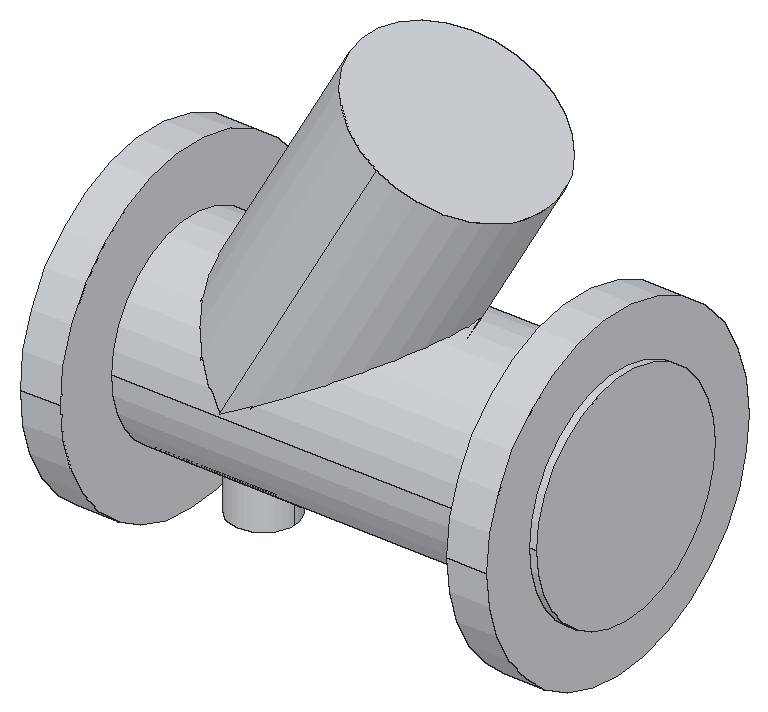
Revit family "HS 821-síto_standard-PN25-DN125-RFA_2019", category Pipe Accessories, Revit 2019
Family settings
  Round Connector Dimension = Use Diameter
  Part Type = Breaks Into
  Work Plane-Based = No
  Always vertical = Yes
  Cut with Voids When Loaded = No
  Shared = No
Parameters (values of type "821D-DN125-PN25-síto_standard")
  magiProductId = "77cc98d60da24855999a22dff726b2"
  magiProductFamilyId = "79214ac3aaa945e397802f559f5c1e"
  magiPartTypeId = 307
  isMeasuringValve [instance] = no
  ang2D [instance] = 0.00°
  ZB__ve = -ZB  # -42.5 mm
  ZB1 = 74.52 mm
  ZB = 42.5 mm
  X2 = 131.888 mm
  X1 = 56 mm
  W2D = 15 mm
  VersionID = "2.0/2017.9.26.1/ZETKAMA_821_001"
  Use Minimum Symbol Size [instance] = yes
  URL = "www.hydronic.cz"
  Type Comments = "Filtr přírubový; síto standardní; A-PN16 (-10~300°C); D-PN25 (-10~350°C); F-PN40 (-10~400°C)"
  S = 184 mm
  QmdConnectorList = "301;D;302;D"
  Productdata [instance] = ""
  Manufacturer = "Hydronic Systems Prague s.r.o."
  MC Product Code = "200 291 (821D; DN125; PN25; kvs326,2; oko síta 1,60mm)"
  LM1 = 32 mm
  LM = 320 mm
  L4 = 100 mm
  L2D_Min = 3048 mm
  L2D = 130 mm
  L2 = 200 mm
  HH2 = 228.438 mm
  FD = 270 mm
  Description = "Filtr přírubový; síto standardní; 821A-PN16; 821D-PN25; 821F-PN40"
  DM1 = 165 mm
  DM = 165.6 mm
  D = 125 mm
  CC = 6.8 mm
  CAT0 = yes
  C1 = 33.2 mm
  C = 40 mm
  BD = 52.164 mm
Types (40, lengths in mm): name | magiProductId | ZB__ve | ZB1 | ZB | X2 | X1 | S | MC Product Code | LM1 | LM | L4 | L2 | HH2 | FD | DM1 | DM | D | CC | C1 | C | BD
  821A-DN015-PN16-síto_standard | "a71bcfe8b393460598b23e8ddf7dc5" | -16.25 | 18.63 | 16.25 | 46.982 | 18.2 | 46 | "200 115 (821A; DN015; PN16; kvs6,3; oko síta 1,00mm)" | 10.4 | 104 | 32.5 | 65 | 81.375 | 95 | 27.6 | 41.4 | 15 | 2.21 | 10.79 | 13 | 13.041
  821A-DN020-PN16-síto_standard | "41cd6c7a12924f4991217528336076" | -17.75 | 22.68 | 17.75 | 51.673 | 21 | 56 | "200 120 (821A; DN020; PN16; kvs11,2; oko síta 1,00mm)" | 12 | 120 | 37.5 | 75 | 89.5 | 105 | 33.6 | 50.4 | 20 | 2.55 | 12.45 | 15 | 15.876
  821A-DN025-PN16-síto_standard | "be378b463ed14c3abf4c9b3ae8cf3a" | -19.25 | 26.325 | 19.25 | 58.601 | 22.4 | 65 | "200 125 (821A; DN025; PN16; kvs14,7; oko síta 1,00mm)" | 12.8 | 128 | 40 | 80 | 101.5 | 115 | 43.2 | 58.5 | 25 | 2.72 | 13.28 | 16 | 18.427
  821A-DN032-PN16-síto_standard | "227a0d18b21540afabe8b6067d35fa" | -23 | 30.78 | 23 | 68.849 | 25.2 | 76 | "200 132 (821A; DN032; PN16; kvs23,7; oko síta 1,00mm)" | 14.4 | 144 | 45 | 90 | 119.25 | 140 | 50.4 | 68.4 | 32 | 3.06 | 14.94 | 18 | 21.546
  821A-DN040-PN16-síto_standard | "d106917c74724141a10440112d0102" | -24.5 | 34.02 | 24.5 | 75.777 | 28 | 84 | "200 140 (821A; DN040; PN16; kvs37,7; oko síta 1,00mm)" | 16 | 160 | 50 | 100 | 131.25 | 150 | 60 | 75.6 | 40 | 3.4 | 16.6 | 20 | 23.814
  821A-DN050-PN16-síto_standard | "8255d456a09e4f6486734f5dd9171b" | -26.75 | 40.095 | 26.75 | 79.061 | 32.2 | 99 | "200 150 (821A; DN050 PN16; kvs57,9; oko síta 1,00mm)" | 18.4 | 184 | 57.5 | 115 | 136.938 | 165 | 73.8 | 89.1 | 50 | 3.91 | 19.09 | 23 | 28.066
  821A-DN065-PN16-síto_standard | "235b1b3e4c0843779a4d5e3716d40a" | -29.75 | 47.79 | 29.75 | 86.927 | 40.6 | 118 | "200 165 (821A; DN065; PN16; kvs101,5; oko síta 1,25mm)" | 23.2 | 232 | 72.5 | 145 | 150.562 | 185 | 94.2 | 106.2 | 65 | 4.93 | 24.07 | 29 | 33.453
  821A-DN080-PN16-síto_standard | "a067f7c5236348ed8c820d16df7214" | -32 | 53.46 | 32 | 104.753 | 43.4 | 132 | "200 180 (821A; DN080; PN16; kvs147,4; oko síta 1,25mm)" | 24.8 | 248 | 77.5 | 155 | 181.438 | 200 | 107.4 | 118.8 | 80 | 5.27 | 25.73 | 31 | 37.422
  821A-DN100-PN16-síto_standard | "c49a648c2747461285837d643703cd" | -35 | 63.18 | 35 | 114.857 | 49 | 156 | "200 190 (821A; DN100; PN16; kvs209,6; oko síta 1,60mm)" | 28 | 280 | 87.5 | 175 | 198.937 | 220 | 131.4 | 140.4 | 100 | 5.95 | 29.05 | 35 | 44.226
  821A-DN125-PN16-síto_standard | "bf68e728a163493cbd2a663b26ebdc" | -39.5 | 74.52 | 39.5 | 131.888 | 56 | 184 | "200 191 (821A; DN125; PN16; kvs326,2; oko síta 1,60mm)" | 32 | 320 | 100 | 200 | 228.438 | 250 | 165 | 165.6 | 125 | 6.8 | 33.2 | 40 | 52.164
  821A-DN150-PN16-síto_standard | "2de770284b654863ae6bc865769dc5" | -44.75 | 85.455 | 44.75 | 155.885 | 67.2 | 211 | "200 192 (821A; DN150; PN16; kvs403; oko síta 1,60mm)" | 38.4 | 384 | 120 | 240 | 270 | 285 | 192 | 189.9 | 150 | 8.16 | 39.84 | 48 | 59.818
  821A-DN200-PN16-síto_standard | "8e5693371ab64aabb29a7f08c76e15" | -53 | 107.73 | 53 | 188.361 | 84 | 266 | "200 193 (821A; DN200; PN16; kvs707; oko síta 1,60mm)" | 48 | 480 | 150 | 300 | 326.25 | 340 | 252 | 239.4 | 200 | 10.2 | 49.8 | 60 | 75.411
  821A-DN250-PN16-síto_standard | "05e37ed948c34047acdd4c42556504" | -62.75 | 129.195 | 62.75 | 255.911 | 102.2 | 319 | "200 194 (821A; DN250; PN16; kvs1234; oko síta 1,60mm)" | 58.4 | 584 | 182.5 | 365 | 443.25 | 405 | 309.6 | 287.1 | 250 | 12.41 | 60.59 | 73 | 90.436
  821A-DN300-PN16-síto_standard | "9ad0af747269428da925480d83ce80" | -71 | 149.85 | 71 | 325.914 | 119 | 370 | "200 195 (821A; DN300; PN16; kvs1916; oko síta 1,60mm)" | 68 | 680 | 212.5 | 425 | 564.5 | 460 | 369.6 | 333 | 300 | 14.45 | 70.55 | 85 | 104.895
  821A-DN350-PN16-síto_standard | "eebc71459bb3451bb4355e7951370a" | -80 | 173.745 | 80 | 356.875 | 137.2 | 429 | "200 196 (821A; DN350; PN16; kvs2621; oko síta 1,60mm)" | 78.4 | 784 | 245 | 490 | 618.125 | 520 | 438 | 386.1 | 350 | 16.66 | 81.34 | 98 | 121.621
  821A-DN400-PN16-síto_standard | "d2f677cb196647e385b2590e7d8abe" | -89 | 194.4 | 89 | 392.237 | 154 | 480 | "200 197 (821A; DN400; PN16; kvs3460; oko síta 1,60mm)" | 88 | 880 | 275 | 550 | 679.375 | 580 | 498 | 432 | 400 | 18.7 | 91.3 | 110 | 136.08
  821D-DN015-PN25-síto_standard | "27ddcbf555414f8ca1fde329bf9087" | -16.25 | 18.63 | 16.25 | 46.982 | 18.2 | 46 | "200 215 (821D; DN015; PN25; kvs6,3; oko síta 1,00mm)" | 10.4 | 104 | 32.5 | 65 | 81.375 | 95 | 27.6 | 41.4 | 15 | 2.21 | 10.79 | 13 | 13.041
  821D-DN020-PN25-síto_standard | "270e0f14012f47189cd0235c18faee" | -17.75 | 22.68 | 17.75 | 51.673 | 21 | 56 | "200 220 (821D; DN020; PN25; kvs11,2; oko síta 1,00mm)" | 12 | 120 | 37.5 | 75 | 89.5 | 105 | 33.6 | 50.4 | 20 | 2.55 | 12.45 | 15 | 15.876
  821D-DN025-PN25-síto_standard | "b9a7fb4aa36643878c637d8e1ab992" | -19.25 | 26.325 | 19.25 | 58.601 | 22.4 | 65 | "200 225 (821D; DN025; PN25; kvs14,7; oko síta 1,00mm)" | 12.8 | 128 | 40 | 80 | 101.5 | 115 | 43.2 | 58.5 | 25 | 2.72 | 13.28 | 16 | 18.427
  821D-DN032-PN25-síto_standard | "6be9a55c4e68400f94eec7e804204c" | -23 | 30.78 | 23 | 68.849 | 25.2 | 76 | "200 232 (821D; DN032; PN25; kvs23,7; oko síta 1,00mm)" | 14.4 | 144 | 45 | 90 | 119.25 | 140 | 50.4 | 68.4 | 32 | 3.06 | 14.94 | 18 | 21.546
  821D-DN040-PN25-síto_standard | "c54511bd7f584ec2984291479612cb" | -24.5 | 34.02 | 24.5 | 75.777 | 28 | 84 | "200 240 (821D; DN040; PN25; kvs37,7; oko síta 1,00mm)" | 16 | 160 | 50 | 100 | 131.25 | 150 | 60 | 75.6 | 40 | 3.4 | 16.6 | 20 | 23.814
  821D-DN050-PN25-síto_standard | "5483b1f596b04cd39b23a14a22c90e" | -26.75 | 40.095 | 26.75 | 79.061 | 32.2 | 99 | "200 250 (821D; DN050; PN25; kvs57,9; oko síta 1,00mm)" | 18.4 | 184 | 57.5 | 115 | 136.938 | 165 | 73.8 | 89.1 | 50 | 3.91 | 19.09 | 23 | 28.066
  821D-DN065-PN25-síto_standard | "767b0f8318e94750bc7a9930ed5b30" | -29.75 | 47.79 | 29.75 | 86.927 | 40.6 | 118 | "200 265 (821D; DN065; PN25; kvs101,5; oko síta 1,25mm)" | 23.2 | 232 | 72.5 | 145 | 150.562 | 185 | 94.2 | 106.2 | 65 | 4.93 | 24.07 | 29 | 33.453
  821D-DN080-PN25-síto_standard | "e21040fa3cc2404b858198f6b73709" | -32 | 53.46 | 32 | 104.753 | 43.4 | 132 | "200 280 (821D; DN080; PN25; kvs147,4; oko síta 1,25mm)" | 24.8 | 248 | 77.5 | 155 | 181.438 | 200 | 107.4 | 118.8 | 80 | 5.27 | 25.73 | 31 | 37.422
  821D-DN100-PN25-síto_standard | "175ca87a506b40b3bc6b82f12f33cf" | -37.25 | 63.18 | 37.25 | 114.857 | 49 | 156 | "200 290 (821D; DN100; PN25; kvs209,6; oko síta 1,60mm)" | 28 | 280 | 87.5 | 175 | 198.937 | 235 | 131.4 | 140.4 | 100 | 5.95 | 29.05 | 35 | 44.226
  821D-DN125-PN25-síto_standard | "77cc98d60da24855999a22dff726b2" | -42.5 | 74.52 | 42.5 | 131.888 | 56 | 184 | "200 291 (821D; DN125; PN25; kvs326,2; oko síta 1,60mm)" | 32 | 320 | 100 | 200 | 228.438 | 270 | 165 | 165.6 | 125 | 6.8 | 33.2 | 40 | 52.164
  821D-DN150-PN25-síto_standard | "9cf8acfcd15547d68e83172d3abcbe" | -47 | 85.455 | 47 | 155.885 | 67.2 | 211 | "200 292 (821D; DN150; PN25; kvs403; oko síta 1,60mm)" | 38.4 | 384 | 120 | 240 | 270 | 300 | 192 | 189.9 | 150 | 8.16 | 39.84 | 48 | 59.818
  821D-DN200-PN25-síto_standard | "16973f3c9ea14389ba8602495a6b64" | -56 | 110.97 | 56 | 188.361 | 84 | 274 | "200 293 (821D; DN200; PN25; kvs707; oko síta 1,60mm)" | 48 | 480 | 150 | 300 | 326.25 | 360 | 252 | 246.6 | 200 | 10.2 | 49.8 | 60 | 77.679
  821F-DN015-PN40-síto_standard | "4c7eaf3c4c0340888b3e684d8a8616" | -16.25 | 18.225 | 16.25 | 46.982 | 18.2 | 45 | "240 615 (821F; DN015; PN40; kvs6,3; oko síta 1,00mm)" | 10.4 | 104 | 32.5 | 65 | 81.375 | 95 | 27.6 | 40.5 | 15 | 2.21 | 10.79 | 13 | 12.757
  821F-DN020-PN40-síto_standard | "aaac5f1ec96b44d6ba96ac2293d66d" | -17.75 | 23.49 | 17.75 | 51.673 | 21 | 58 | "240 620 (821F; DN020; PN40; kvs11,2; oko síta 1,00mm)" | 12 | 120 | 37.5 | 75 | 89.5 | 105 | 33.6 | 52.2 | 20 | 2.55 | 12.45 | 15 | 16.443
  821F-DN025-PN40-síto_standard | "504768023968471481789485b54c7e" | -19.25 | 27.54 | 19.25 | 58.601 | 22.4 | 68 | "240 625 (821F; DN025; PN40; kvs14,7; oko síta 1,00mm)" | 12.8 | 128 | 40 | 80 | 101.5 | 115 | 43.2 | 61.2 | 25 | 2.72 | 13.28 | 16 | 19.278
  821F-DN032-PN40-síto_standard | "165e7f39cf744f329bdf1c400dad12" | -23 | 31.59 | 23 | 68.849 | 25.2 | 78 | "240 632 (821F; DN032; PN40; kvs23,7; oko síta 1,00mm)" | 14.4 | 144 | 45 | 90 | 119.25 | 140 | 50.4 | 70.2 | 32 | 3.06 | 14.94 | 18 | 22.113
  821F-DN040-PN40-síto_standard | "b8903f952089408fbf3a5a632bab1f" | -24.5 | 35.64 | 24.5 | 75.777 | 28 | 88 | "240 640 (821F; DN040; PN40; kvs37,7; oko síta 1,00mm)" | 16 | 160 | 50 | 100 | 131.25 | 150 | 60 | 79.2 | 40 | 3.4 | 16.6 | 20 | 24.948
  821F-DN050-PN40-síto_standard | "c451f97266fe48da8f879cb6a2bd44" | -26.75 | 41.31 | 26.75 | 79.061 | 32.2 | 102 | "240 650 (821F; DN050; PN40; kvs57,9; oko síta 1,00mm)" | 18.4 | 184 | 57.5 | 115 | 136.938 | 165 | 73.8 | 91.8 | 50 | 3.91 | 19.09 | 23 | 28.917
  821F-DN065-PN40-síto_standard | "dc9821e3f9b34e128f6a8c6b34c198" | -29.75 | 49.41 | 29.75 | 86.927 | 40.6 | 122 | "240 665 (821F; DN065; PN40; kvs101,5; oko síta 1,25mm)" | 23.2 | 232 | 72.5 | 145 | 150.562 | 185 | 94.2 | 109.8 | 65 | 4.93 | 24.07 | 29 | 34.587
  821F-DN080-PN40-síto_standard | "689aa1e260f84cf4994f027a1d86b5" | -32 | 55.89 | 32 | 104.753 | 43.4 | 138 | "240 680 (821F; DN080; PN40; kvs147,4; oko síta 1,25mm)" | 24.8 | 248 | 77.5 | 155 | 181.438 | 200 | 107.4 | 124.2 | 80 | 5.27 | 25.73 | 31 | 39.123
  821F-DN100-PN40-síto_standard | "8a45d4e8e2ab425f8c432f21d684f3" | -37.25 | 65.61 | 37.25 | 114.857 | 49 | 162 | "240 690 (821F; DN100; PN40; kvs209,6; oko síta 1,6mm)" | 28 | 280 | 87.5 | 175 | 198.937 | 235 | 131.4 | 145.8 | 100 | 5.95 | 29.05 | 35 | 45.927
  821F-DN125-PN40-síto_standard | "cf073904c006406b8645afa67ea2fc" | -42.5 | 76.14 | 42.5 | 131.888 | 56 | 188 | "240 691 (821F; DN125; PN40; kvs326,2; oko síta 1,6mm)" | 32 | 320 | 100 | 200 | 228.438 | 270 | 165 | 169.2 | 125 | 6.8 | 33.2 | 40 | 53.298
  821F-DN150-PN40-síto_standard | "0153b9ddabe14992a630484929fdbc" | -47 | 88.29 | 47 | 155.885 | 67.2 | 218 | "240 692 (821F; DN150; PN40; kvs403; oko síta 1,6mm)" | 38.4 | 384 | 120 | 240 | 270 | 300 | 192 | 196.2 | 150 | 8.16 | 39.84 | 48 | 61.803
  821F-DN200-PN40-síto_standard | "7fb3fc01dd8d42428c203e3f8dd4d5" | -56 | 115.425 | 56 | 188.361 | 84 | 285 | "240 693 (821F; DN200; PN40; kvs707; oko síta 1,6mm)" | 48 | 480 | 150 | 300 | 326.25 | 360 | 252 | 256.5 | 200 | 10.2 | 49.8 | 60 | 80.797
Reference planes
  plane 1 "Center (Front/Back)": y = 0
  plane 2 "XYPLANE": z = 0
  plane 3 "Center (Left/Right)": x = 0
  plane 4 "109": x = -128
  plane 5 "108": x = 160
  plane 6 "107": x = -160
  plane 7 "105": x = 200
  plane 8 "104": x = -200
  plane 9 "103": y = 0
  plane 10 "102": z = 0
  plane 11 "101": x = -193.2
  plane 12 "100": x = 193.2
  plane 13 "11": x = -72
  plane 14 "10": z = 228.438
  plane 15 "9": x = 59.888
  plane 16 "5": z = -74.52
  plane 17 "4": x = -100
  plane 18 "1": x = 100
Forms (mm)
  Extrusion 1, solid, visible <- "CAT0"
    sketch origin (-160, -750, 0) x (0, 1, 0) y (0, 0, 1)
      loop
        circle (750, 0) r 82.8
    from 0 to 320 <- "LM"
  Extrusion 2, solid
    sketch origin (-200, -750, 0) x (0, 1, 0) y (0, 0, 1)
      loop
        circle (750, 0) r 92
    from 0 to 6.8 <- "CC"
  Extrusion 3, solid
    sketch origin (-193.2, -750, 0) x (0, 1, 0) y (0, 0, 1)
      loop
        circle (750, 0) r 135
    from 0 to 33.2 <- "C1"
  Extrusion 4, solid
    sketch origin (160, -750, 0) x (0, 1, 0) y (0, 0, 1)
      loop
        circle (750, 0) r 135
    from 0 to 33.2 <- "C1"
  Extrusion 5, solid
    sketch origin (193.2, -750, 0) x (0, 1, 0) y (0, 0, 1)
      loop
        circle (750, 0) r 92
    from 0 to 6.8 <- "CC"
  Sweep 6, solid, visible <- "CAT0"
    path origin (750, 0, 0) x (-1, 0, 0) y (0, 0, 1)
      loop
        line (910, 0) -> (822, 0) -> (690.112, 228.438)
    profile origin (-160, 0, 0) x (0, 0, -1) y (0, 1, 0)
      loop
        circle (0, 0) r 82.5
  Extrusion 7, solid, visible <- "CAT0"
    sketch origin (-750, 0, -74.52) x (1, 0, 0) y (0, 1, 0)
      loop
        circle (650, 0) r 26.082
    from 0 to -42.5 <- "ZB__ve"
  Extrusion 8, solid, visible <- "CAT0"
    sketch origin (-750, 0, -74.52) x (1, 0, 0) y (0, 1, 0)
      loop
        circle (850, 0) r 26.082
    from 0 to -42.5 <- "ZB__ve"
  Extrusion 9, solid, not visible
    sketch origin (200, -750, 0) x (0, 1, 0) y (0, 0, 1)
      loop
        circle (750, 0) r 10
    from 0 to -10
  Extrusion 10, solid, not visible
    sketch origin (-200, -750, 0) x (0, 1, 0) y (0, 0, 1)
      loop
        circle (750, 0) r 10
    from 0 to 10
Lines and regions (mm)
  reference lines, not visible
    curve 1: circle (2, 2, 0) r 1 normal (0, 0, 1)
Dimensions and locks
  plane 1 "Center (Front/Back)" to curve 1 = 2 mm
  "LM1": plane 6 "107" to plane 4 "109"
  "LM": plane 6 "107" to plane 5 "108"
  "C": plane 8 "104" to plane 6 "107"
  "L2": plane 3 "Center (Left/Right)" to plane 7 "105"
  "L2": plane 3 "Center (Left/Right)" to plane 8 "104"
  locked: plane 1 "Center (Front/Back)" to plane 9 "103"
  locked: plane 2 "XYPLANE" to plane 10 "102"
  "CC": plane 8 "104" to plane 11 "101"
  "C1": plane 5 "108" to plane 12 "100"
  "X1": plane 4 "109" to plane 13 "11"
  "HH2": plane 2 "XYPLANE" to plane 14 "10"
  "X2": plane 13 "11" to plane 15 "9"
  "ZB1": plane 2 "XYPLANE" to plane 16 "5"
  "L4": plane 8 "104" to plane 17 "4"
  "L2": plane 17 "4" to plane 18 "1"
  Sweep 6 sketch curve to Sweep 6 sketch curve = 0 mm  (x2)
  "DM": diameter of Extrusion 1 sketch curve
  "S": diameter of Extrusion 2 sketch curve
  "FD": diameter of Extrusion 3 sketch curve
  "FD": diameter of Extrusion 4 sketch curve
  "S": diameter of Extrusion 5 sketch curve
  "DM1": diameter of Sweep 6 sketch curve
  "BD": diameter of Extrusion 7 sketch curve
  "BD": diameter of Extrusion 8 sketch curve
  aligned and locked: level to plane 2 "XYPLANE"
  aligned and locked: Extrusion 1 sketch curve to plane 9 "103"
  aligned and locked: plane 10 "102" to Extrusion 1 sketch curve
  aligned and locked: Extrusion 2 sketch curve to plane 9 "103"
  aligned and locked: plane 10 "102" to Extrusion 2 sketch curve
  aligned and locked: Extrusion 3 sketch curve to plane 9 "103"
  aligned and locked: plane 10 "102" to Extrusion 3 sketch curve
  aligned and locked: Extrusion 4 sketch curve to plane 9 "103"
  aligned and locked: plane 10 "102" to Extrusion 4 sketch curve
  aligned and locked: Extrusion 5 sketch curve to plane 9 "103"
  aligned and locked: plane 10 "102" to Extrusion 5 sketch curve
  aligned and locked: Sweep 6 sketch curve to plane 9 "103"
  aligned and locked: plane 10 "102" to Sweep 6 sketch curve  (x3)
  aligned and locked: plane 6 "107" to Sweep 6 sketch curve
  aligned and locked: plane 13 "11" to Sweep 6 sketch curve
  aligned and locked: plane 14 "10" to Sweep 6 sketch curve
  aligned and locked: plane 15 "9" to Sweep 6 sketch curve
  aligned and locked: plane 9 "103" to Extrusion 7 sketch curve
  aligned and locked: plane 17 "4" to Extrusion 7 sketch curve
  aligned and locked: plane 9 "103" to Extrusion 8 sketch curve
  aligned and locked: plane 18 "1" to Extrusion 8 sketch curve
  aligned and locked: Extrusion 9 sketch curve to plane 9 "103"
  aligned and locked: plane 10 "102" to Extrusion 9 sketch curve
  aligned and locked: Extrusion 10 sketch curve to plane 9 "103"
  aligned and locked: plane 10 "102" to Extrusion 10 sketch curve
Automatic sketch dimensions
  plane 1 "Center (Front/Back)" to Extrusion 9 sketch curve = 10 mm
  plane 1 "Center (Front/Back)" to Extrusion 10 sketch curve = 10 mm
  plane 3 "Center (Left/Right)" to curve 1 = 2 mm
  radius of curve 1 = 1 mm
Connectors
  piping at (-200, 0, 0), diameter 125, driven by "D"
    settings: on Extrusion 10, index 1, connector inside diameter 609.6 mm, connector length 0 mm, flow factor 0, pipe flow 0.0 L/s, pressure drop 0.0 Pa, fitting loss kfactor 0, connector angle 0.00°, fixture units 0, engagement length 0 mm, angle of deflection 0.00°, flow configuration 0, flow direction 0, fitting loss method 0, system type 29, joint type 0, gender type 0, connector reference index 2, connector utility 0, adjustable connector no, is connector primary yes, connector description ""
  piping at (200, 0, 0), diameter 125, driven by "D"
    settings: on Extrusion 9, index 2, connector inside diameter 609.6 mm, connector length 0 mm, flow factor 0, pipe flow 0.0 L/s, pressure drop 0.0 Pa, fitting loss kfactor 0, connector angle 0.00°, fixture units 0, engagement length 0 mm, angle of deflection 0.00°, flow configuration 0, flow direction 0, fitting loss method 0, system type 29, joint type 0, gender type 0, connector reference index 1, connector utility 0, adjustable connector no, is connector primary no, connector description ""
